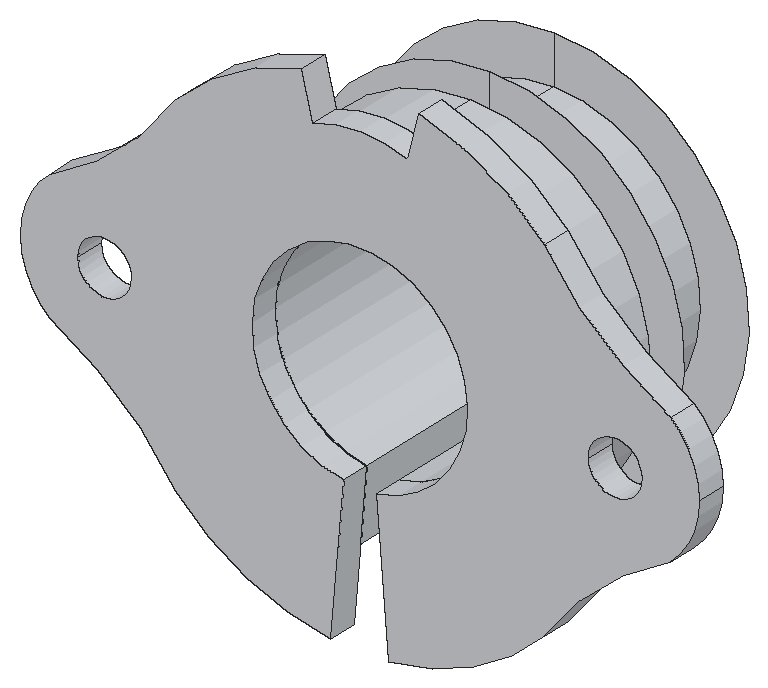
Revit family
Parameters
  URL = "www.siouxchief.com"
  Type Comments = "3/4\""
  Model = "558-3"
  Manufacturer = "Sioux Chief Manufacturing"
  Description = "Pipe Eye Tube Insulator"
Reference planes (in)
  plane 1 "Center (Front/Back)": y = 0
  plane 2: z = 0
  plane 3 "Center (Left/Right)": x = 0
Forms (in)
  Revolve 1, solid
    sketch origin (0, 0.89451, -2.175) x (0, 1, 0) y (0, 0, 1)
      loop
        line (0, 2.175) -> (0, 2.68098) -> (-0.06, 2.68098) -> (-0.1514, 2.84998) -> (-0.1514, 2.68098) -> (-0.3384, 2.68098) -> (-0.4298, 2.84998) -> (-0.4298, 2.68098) -> (-0.5158, 2.68098) -> (-0.5158, 2.80098) -> (-0.89451, 2.80098) -> (-0.89451, 2.175) -> (0, 2.175)
      axis (0, 2.175) -> (-0.89451, 2.175)
    angle from 0 to 360
  Extrusion 2, void
    sketch origin (0, 0, 0) x (1, 0, 0) y (0, 0, 1)
      loop
        arc (0.05878, -0.37036) -> (0, 0.375) -> (-0.05878, -0.37036) r 0.375
        line (-0.05878, -0.37036) -> (-0.10534, -0.93481)
        arc (-0.10534, -0.93481) -> (0, -0.93915) -> (0.10534, -0.93481) r 1.28139
        line (0.10534, -0.93481) -> (0.05878, -0.37036)
    from -1.16247 to 0.24651
  Extrusion 3, solid
    sketch origin (0, 0, 0) x (1, 0, 0) y (0, 0, 1)
      loop
        arc (-1.07804, 0.22403) -> (-1.15446, 0.12341) -> (-1.1816, 0) r 0.2941
        arc (-1.1816, 0) -> (-1.15446, -0.12341) -> (-1.07804, -0.22403) r 0.2941
        arc (-1.07804, -0.22403) -> (-0.83497, -0.38775) -> (-0.64244, -0.60869) r 1.125
        arc (-0.64244, -0.60869) -> (-0.34967, -0.81299) -> (0, -0.885) r 0.885
        arc (0, -0.885) -> (0.34967, -0.81299) -> (0.64244, -0.60869) r 0.885
        arc (0.64244, -0.60869) -> (0.83497, -0.38775) -> (1.07804, -0.22403) r 1.125
        arc (1.07804, -0.22403) -> (1.15446, -0.12341) -> (1.1816, 0) r 0.2941
        arc (1.1816, 0) -> (1.15446, 0.12341) -> (1.07804, 0.22403) r 0.2941
        arc (1.07804, 0.22403) -> (0.83497, 0.38775) -> (0.64244, 0.60869) r 1.125
        arc (0.64244, 0.60869) -> (0.34967, 0.81299) -> (0, 0.885) r 0.885
        arc (0, 0.885) -> (-0.34967, 0.81299) -> (-0.64244, 0.60869) r 0.885
        arc (-0.64244, 0.60869) -> (-0.83497, 0.38775) -> (-1.07804, 0.22403) r 1.125
    from 0 to 0.1
  Extrusion 4, void
    sketch origin (0, 0, 0) x (1, 0, 0) y (0, 0, 1)
      loop
        line (0.16522, 0.70528) -> (0.2165, 0.91887)
        arc (0.2165, 0.91887) -> (0.00031, 0.94436) -> (-0.21589, 0.91902) r 0.93234
        line (-0.21589, 0.91902) -> (-0.16463, 0.70549)
        arc (-0.16463, 0.70549) -> (0.00031, 0.73449) -> (0.16522, 0.70528) r 0.48191
    from 0 to 0.5
  Extrusion 5, void
    sketch origin (0, 0, 0) x (1, 0, 0) y (0, 0, 1)
      loop
        circle (-0.88771, 0) r 0.09375
      loop
        circle (0.88771, 0) r 0.09375
    from 0 to 0.5
Cuts and joins
  Extrusion 2, Extrusion 4, Extrusion 5 cuts Revolve 1
  Extrusion 2, Extrusion 4, Extrusion 5 cuts Extrusion 3
Dimensions and locks (in)
  aligned and locked: plane 2 to level
Connectors (in)
  piping at (0.00007, -0.1, 0.03526)
    settings: on cut or joined group of Extrusion 2, Extrusion 3, Extrusion 4, Extrusion 5, index 1, connector radius 0.38", flow factor 0, pipe flow 0 GPM, pressure drop 0.00 psi, fitting loss kfactor 0, connector angle 0.00°, fixture units 0, flow configuration 0, flow direction 0, fitting loss method 0, system type 22, connector reference index -1, connector utility 0, adjustable connector no, is connector primary yes, fitting loss table "", connector description "3/4\""
  piping at (0.00007, 0, 0.03526)
    settings: on cut or joined group of Extrusion 2, Extrusion 3, Extrusion 4, Extrusion 5, index 2, connector radius 0.38", flow factor 0, pipe flow 0 GPM, pressure drop 0.00 psi, fitting loss kfactor 0, connector angle 0.00°, fixture units 0, flow configuration 0, flow direction 0, fitting loss method 0, system type 22, connector reference index -1, connector utility 0, adjustable connector no, is connector primary no, fitting loss table "", connector description "3/4\""
